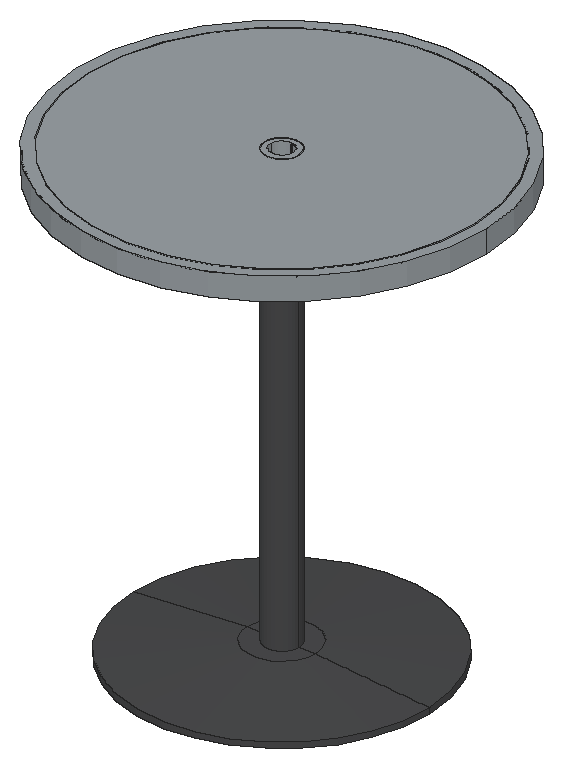
Revit family "OF-36TAB40", category Furniture, Revit 2020
Family settings
  Work Plane-Based = No
  Always vertical = Yes
  Cut with Voids When Loaded = No
  Shared = No
  Room Calculation Point = No
Parameters
  Table Top [instance] = Getzen Gray Perforated
  Table Frame [instance] = Getzen Gray Solid
  Star Base [instance] = not(Disc Base)  # no
  Model = "OF-36TAB40"
  HS Seat Count [instance] = 0
  Frame [instance] = Getzen Black Solid
  ES Seat Count [instance] = 0
  Disc Base [instance] = yes
  Default Elevation = 0' - 0"
Reference planes (in)
  plane 1 "Center (Front/Back)": y = 0
  plane 2: z = 0
  plane 3 "Center (Left/Right)": x = 0
  plane 4 "Top": z = 40
Forms (in)
  Extrusion 1, solid, material "Getzen Black Solid" <- "Frame"
    sketch origin (0, 0, 0) x (1, 0, 0) y (0, 1, 0)
      loop
        circle (0, 0) r 1.5
    from 0 to 38
  Extrusion 2, solid, material "Getzen Gray Solid" <- "Table Frame"
    sketch origin (0, 0, 0) x (1, 0, 0) y (0, 1, 0)
      loop
        circle (0, 0) r 18
      loop
        circle (0, 0) r 17
      loop
        circle (0, 0) r 1
      loop
        circle (0, 0) r 1.5
    from 38 to 40
  Extrusion 3, solid, material "Getzen Gray Perforated" <- "Table Top"
    sketch origin (0, 0, 0) x (1, 0, 0) y (0, 1, 0)
      loop
        circle (0, 0) r 17
      loop
        circle (0, 0) r 1.5
    from 39.875 to 40
  Extrusion 4, solid, material "Getzen Gray Solid" <- "Table Frame"
    sketch origin (0, 0, 0) x (1, 0, 0) y (0, 1, 0)
      loop
        line (0.125, 17) -> (-0.125, 17) -> (-0.125, 0.99216) -> (0.125, 0.99216) -> (0.125, 17)
      loop
        line (0.99216, 0.125) -> (0.99216, -0.125) -> (17, -0.125) -> (17, 0.125) -> (0.99216, 0.125)
      loop
        line (0.125, -0.99216) -> (-0.125, -0.99216) -> (-0.125, -17) -> (0.125, -17) -> (0.125, -0.99216)
      loop
        line (-1.49478, 0.125) -> (-17, 0.125) -> (-17, -0.125) -> (-1.49478, -0.125) -> (-1.49478, 0.125)
    from 39 to 39.875
  Extrusion 5, solid, material "Getzen Black Solid" <- "Frame", visible <- "Star Base"
    sketch origin (0, 0, 0) x (1, 0, 0) y (0, 0, 1)
      loop
        line (-1, 0) -> (1, 0) -> (1, 0.25) -> (0, 1.25) -> (-1, 0.25) -> (-1, 0)
    from 0.99216 to 16.4417
  Extrusion 6, solid, material "Getzen Black Solid" <- "Frame", visible <- "Star Base"
    sketch origin (0, 0, 0) x (0.309017, 0.951057, 0) y (0, 0, 1)
      loop
        line (-1, 0) -> (1, 0) -> (1, 0.25) -> (0, 1.25) -> (-1, 0.25) -> (-1, 0)
    from 0.99216 to 16.4417
  Extrusion 7, solid, material "Getzen Black Solid" <- "Frame", visible <- "Star Base"
    sketch origin (0, 0, 0) x (-0.809017, 0.587785, 0) y (0, 0, 1)
      loop
        line (-1, 0) -> (1, 0) -> (1, 0.25) -> (0, 1.25) -> (-1, 0.25) -> (-1, 0)
    from 0.99216 to 16.4417
  Extrusion 8, solid, material "Getzen Black Solid" <- "Frame", visible <- "Star Base"
    sketch origin (0, 0, 0) x (-0.809017, -0.587785, 0) y (0, 0, 1)
      loop
        line (-1, 0) -> (1, 0) -> (1, 0.25) -> (0, 1.25) -> (-1, 0.25) -> (-1, 0)
    from 0.99216 to 16.4417
  Extrusion 9, solid, material "Getzen Black Solid" <- "Frame", visible <- "Star Base"
    sketch origin (0, 0, 0) x (0.309017, -0.951057, 0) y (0, 0, 1)
      loop
        line (-1, 0) -> (1, 0) -> (1, 0.25) -> (0, 1.25) -> (-1, 0.25) -> (-1, 0)
    from 0.99216 to 16.4417
  Revolve 10, solid, material "Getzen Black Solid" <- "Frame", visible <- "Disc Base"
    sketch origin (0, 0, 0) x (1, 0, 0) y (0, 0, 1)
      loop
        line (0, 0) -> (13, 0) -> (13, 0.5) -> (3, 1.25) -> (0, 1.25) -> (0, 0)
      axis (0, 1.25) -> (0, 0)
    angle from 0 to 360
Cuts and joins
  joined: Extrusion 5, Extrusion 6, Extrusion 9
Dimensions and locks (in)
  aligned and locked: plane 2 to level
